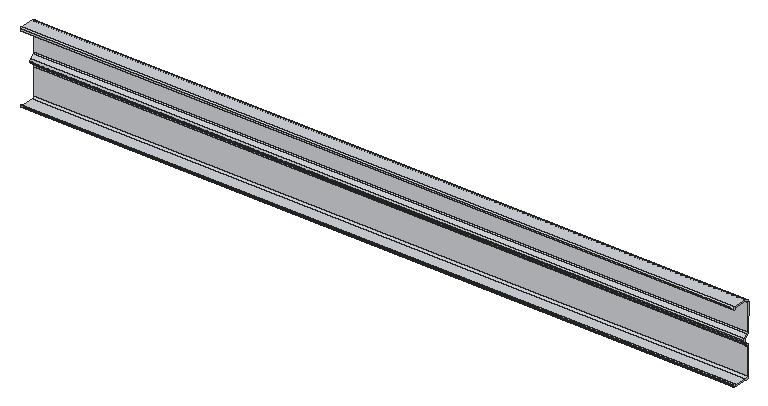
Revit family "SF_SigmaC", category Structural Framing, Revit 2022
Family settings
  Section Shape = Not Defined
  Material for Model Behavior = Other
  Always export as geometry = No
  OmniClass Number = 23.25.30.11.14.14
  OmniClass Title = Beams
  Always vertical = Yes
  Cut with Voids When Loaded = No
  Symbolic Representation = From Family
  Shared = No
  Show family pre-cut in plan views = Yes
Parameters (values of type "SIGMA C 300x75x3")
  h = 10 mm
  e = 3 mm
  R2 = 3 mm
  R = 8 mm
  H = 300 mm
  D = 20 mm
  URL = ""
  Type Comments = ""
  Structural Material [instance] = ASTM A36
  Model = ""
  Manufacturer = ""
  Length [instance] = 3000 mm
  Keynote = ""
  Description = ""
  B = 75 mm
  Assembly Code = ""
Types (3, lengths in mm): name | H | B
  SIGMA C 300x75x3 | 300 | 75
  SIGMA C 250x75x3 | 250 | 75
  SIGMA C 200x50x3 | 200 | 50
Reference planes
  plane 1 "Center (Front/Back)": y = 0
  plane 2 "Center Elevation": z = 0
  plane 3 "Center (Left/Right)": x = 0
  plane 4 "Left": x = -1500
  plane 5 "Member Left": x = -1250
  plane 6 "Stick Symbol Left": x = -1000
  plane 7 "Right": x = 1500
  plane 8 "Member Right": x = 1250
  plane 9 "Stick Symbol Right": x = 1000
Forms (mm)
  Sweep 1, solid
    path origin (0, 0, 0) x (1, 0, 0) y (0, 1, 0)
      loop
        line (-1500, 0) -> (1500, 0)
    profile "SigmaC : SigmaC" origin (0, 0, 0) x (0, 1, 0) y (0, 0, 1)
      loop
        arc (-3, 27.577) -> (-3.609, 24.516) -> (-5.343, 21.92) r 8
        line (-5.343, 21.92) -> (-19.485, 7.778)
        arc (-19.485, 7.778) -> (-21.87, 4.21) -> (-22.707, 0) r 11
        arc (-22.707, 0) -> (-21.87, -4.21) -> (-19.485, -7.778) r 11
        line (-19.485, -7.778) -> (-5.343, -21.92)
        arc (-5.343, -21.92) -> (-3.609, -24.516) -> (-3, -27.577) r 8
        line (-3, -27.577) -> (-3, -139)
        arc (-3, -139) -> (-5.343, -144.657) -> (-11, -147) r 8
        line (-11, -147) -> (-69, -147)
        arc (-69, -147) -> (-71.121, -146.121) -> (-72, -144) r 3
        line (-72, -144) -> (-72, -140) -> (-75, -140) -> (-75, -144)
        arc (-75, -144) -> (-73.243, -148.243) -> (-69, -150) r 6
        line (-69, -150) -> (-11, -150)
        arc (-11, -150) -> (-3.222, -146.778) -> (0, -139) r 11
        line (0, -139) -> (0, -27.577)
        arc (0, -27.577) -> (-0.837, -23.368) -> (-3.222, -19.799) r 11
        line (-3.222, -19.799) -> (-17.364, -5.657)
        arc (-17.364, -5.657) -> (-19.098, -3.061) -> (-19.707, 0) r 8
        arc (-19.707, 0) -> (-19.098, 3.061) -> (-17.364, 5.657) r 8
        line (-17.364, 5.657) -> (-3.222, 19.799)
        arc (-3.222, 19.799) -> (-0.837, 23.368) -> (0, 27.577) r 11
        line (0, 27.577) -> (0, 139)
        arc (0, 139) -> (-3.222, 146.778) -> (-11, 150) r 11
        line (-11, 150) -> (-69, 150)
        arc (-69, 150) -> (-73.243, 148.243) -> (-75, 144) r 6
        line (-75, 144) -> (-75, 140) -> (-72, 140) -> (-72, 144)
        arc (-72, 144) -> (-71.121, 146.121) -> (-69, 147) r 3
        line (-69, 147) -> (-11, 147)
        arc (-11, 147) -> (-5.343, 144.657) -> (-3, 139) r 8
        line (-3, 139) -> (-3, 27.577)
Dimensions and locks
  equal spacing: plane 4 "Left", plane 3 "Center (Left/Right)", plane 7 "Right"
  "Length": plane 4 "Left" to plane 7 "Right"
  aligned and locked: level to plane 2 "Center Elevation"
Automatic sketch dimensions
  Sweep 1 sketch curve to plane 4 "Left" = 0 mm
  Sweep 1 sketch curve to plane 7 "Right" = 0 mm
  plane 1 "Center (Front/Back)" to Sweep 1 sketch curve = 0 mm
